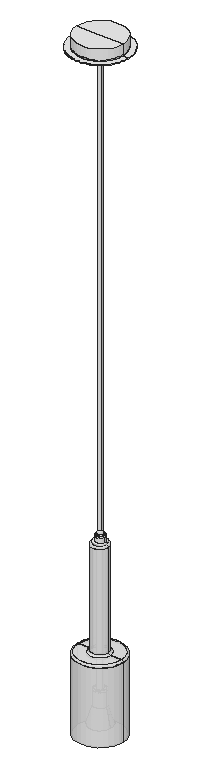
Revit family "3-656-xx - Spindle Pendant", category Luminarias, Revit 2021
Family settings
  Anfitrión = Techo
  Cota de conector redondo = Diámetro de uso
  Tipo de pieza = Normal
  Número OmniClass = 23.80.70.11
  Título OmniClass = Luminaries for Internal Lighting
  Siempre vertical = Sí
  Corte con vacíos al cargar = No
  Origen de luz = Sí
  Compartido = No
  Punto de cálculo de habitación = No
Parameters (values of type "3-656-114 / Polished Chrome - Transparent Glass")
  Ángulo de inclinación = 90.00°
  Metal Finish = 14 - Polished Chrome
  Main Diffuser = Matte White Acrylic
  Glass = White Opal Glass
  Elevación por defecto = 0.00"
  Comentarios de vataje = "6.57 W at 120 V"  # constant formula
  Wattage = 6.57 W
  built-in parameter 1150110 = 1 (stored number, unit not read)
  Voltage Input = "120 V or 277 V - 50/60 Hz"  # constant formula
  Voltage = 120 V
  URL = "www.oxygenlighting.com"
  built-in parameter 1114217 = 1 (stored number, unit not read)
  built-in parameter 1150109 = 1 (stored number, unit not read)
  built-in parameter 1150134 = (empty or 0)
  built-in parameter 1150113 = 1 (stored number, unit not read)
  References = "Ref. 3 = 120 V / Ref. 37 = 277 V"  # constant formula
  Pendant Height [instance] = 63.00"
  Modelo = "3-xxx-xx / Pendant"  # constant formula
  Fabricante = "Oxygen Lighting and Fans"  # constant formula
  Lumens = 406.026 lm
  built-in parameter 1150115 = 1 (stored number, unit not read)
  built-in parameter 1150105 = 32.311 (stored number, unit not read)
  built-in parameter 1150137 = (empty or 0)
  built-in parameter 1150139 = (empty or 0)
  built-in parameter 1150112 = 1 (stored number, unit not read)
  built-in parameter 1150114 = 1 (stored number, unit not read)
  Lámpara = "LED Array"  # constant formula
  built-in parameter 1150132 = (empty or 0)
  built-in parameter 1150102 = (empty or 0)
  built-in parameter 1150138 = (empty or 0)
  built-in parameter 1150107 = 3000 (stored number, unit not read)
  built-in parameter 1150106 = 0.32311 (stored number, unit not read)
  built-in parameter 1150104 = 5.7414 (stored number, unit not read)
  Dimming Lamp Color Temperature Shift = (empty or 0)
  Color Filter = 16777215
  built-in parameter 1114218 = 1 (stored number, unit not read)
  Archivo de red fotométrica = "3-656 Spindle Pendant.ies"
  built-in parameter 1150133 = 10 (stored number, unit not read)
Reference planes (in)
  plane 1 "Light Source Axis (F/B)": y = 0
  plane 2: z = 0
  plane 3 "Light Source Axis (L/R)": x = 0
  plane 4 "Ceiling": z = 157.48031
  plane 5 "Light Source Elevation": z = 94.48031
  plane 6: z = 112.29616
Forms (in)
  Extrusion 1, solid, material "14 - Polished Chrome" <- "Metal Finish"
    sketch origin (0, 0, 103.54912) x (-1, 0, 0) y (0, -1, 0)
      loop
        circle (0, 0) r 0.18946
    from 8.74704 to 52.06111
Dimensions and locks (in)
  equal spacing: host sketch curve, plane 3 "Light Source Axis (L/R)", host sketch curve
  equal spacing: host sketch curve, plane 1 "Light Source Axis (F/B)", host sketch curve
  host sketch curve to host sketch curve = 157.48031"  (x2)
  plane 4 "Ceiling" to host ceiling = 0.00"
  locked: plane 5 "Light Source Elevation" to plane 6 at 17.81585
  "Pendant Height": plane 5 "Light Source Elevation" to plane 4 "Ceiling"
  aligned and locked: plane 3 "Light Source Axis (L/R)" to imposter light
  aligned and locked: plane 1 "Light Source Axis (F/B)" to imposter light
  aligned and locked: plane 5 "Light Source Elevation" to imposter light
  aligned and locked: plane 3 "Light Source Axis (L/R)" to nested 1
  aligned and locked: plane 1 "Light Source Axis (F/B)" to nested 1
  aligned and locked: plane 5 "Light Source Elevation" to nested 1
  aligned and locked: plane 3 "Light Source Axis (L/R)" to nested 2
  aligned and locked: plane 1 "Light Source Axis (F/B)" to nested 2
  aligned and locked: nested 2 to plane 4 "Ceiling"
  aligned and locked: Extrusion 1 to plane 6
  aligned and locked: nested 2 to Extrusion 1
Automatic sketch dimensions
  plane 1 "Light Source Axis (F/B)" to Extrusion 1 sketch curve = 0.00"
  Extrusion 1 sketch curve to plane 3 "Light Source Axis (L/R)" = 0.00"
  radius of Extrusion 1 sketch curve = 0.18946"
Nested families (in)
  nested 1: "Family1" at (0, 0, 112.29616), type "Family1"
  nested 2: "Family2" at (0, 0, 157.48031), type "Family2"
Connectors (in)
  electrical at (0, 0, 157.48031)
    settings: on nested 2, index 1, voltage 0 V, apparent load 0 VA, apparent load phase1 0 VA, apparent load phase2 0 VA, apparent load phase3 0 VA, power factor 1, load classification "Other", number of poles 1, system type 31, power factor state 1, is connector primary yes, connector utility no, sub classification motor no, connector description ""
Definition of nested family "Family1"
  Parameters
    Metal Finish = none
    Main Diffuser = none
    Glass = none
    Default Elevation = 0.00"
  Reference planes (in)
    plane 1 "Center (Front/Back)": y = 0
    plane 2: z = 0
    plane 3 "Center (Left/Right)": x = 0
  Forms (in)
    Revolve 1, solid, material <- "Metal Finish"
      sketch origin (0, 0, 0) x (1, 0, 0) y (0, 0, 1)
        loop
          line (0, 0) -> (-0.18946, 0)
          arc (-0.18946, 0) -> (-0.24803, -0.19778) -> (-0.26315, -0.40349) r 0.96348
          line (-0.26315, -0.40349) -> (-0.31227, -0.40349)
          arc (-0.31227, -0.40349) -> (-0.33459, -0.41274) -> (-0.34384, -0.43507) r 0.03158
          line (-0.34384, -0.43507) -> (-0.34384, -0.5298) -> (-0.43858, -0.5298)
          arc (-0.43858, -0.5298) -> (-0.4609, -0.53905) -> (-0.47015, -0.56138) r 0.03158
          line (-0.47015, -0.56138) -> (-0.47015, -1.0596) -> (-0.56138, -1.0596)
          arc (-0.56138, -1.0596) -> (-0.65611, -1.15433) -> (-0.56138, -1.24906) r 0.09473
          line (-0.56138, -1.24906) -> (0, -1.24906) -> (0, 0)
        axis (0, 0) -> (0, -1.24906)
      angle from 0 to 360
    Revolve 2, solid, material <- "Glass"
      sketch origin (0, 0, 0) x (1, 0, 0) y (0, 0, 1)
        loop
          line (0, -1.24906) -> (-0.67716, -1.24906)
          arc (-0.67716, -1.24906) -> (-0.8161, -1.30661) -> (-0.87364, -1.44555) r 0.19648
          line (-0.87364, -1.44555) -> (-0.87364, -11.05515)
          arc (-0.87364, -11.05515) -> (-0.9303, -11.19194) -> (-1.06709, -11.2486) r 0.19345
          line (-1.06709, -11.2486) -> (-2.17885, -11.2486)
          arc (-2.17885, -11.2486) -> (-2.31778, -11.30614) -> (-2.37533, -11.44508) r 0.19648
          line (-2.37533, -11.44508) -> (-2.37533, -18.75) -> (-2.24533, -18.75) -> (-2.24533, -11.44508)
          arc (-2.24533, -11.44508) -> (-2.22586, -11.39807) -> (-2.17885, -11.3786) r 0.06648
          line (-2.17885, -11.3786) -> (-1.09197, -11.3786)
          arc (-1.09197, -11.3786) -> (-0.84567, -11.27657) -> (-0.74364, -11.03027) r 0.34833
          line (-0.74364, -11.03027) -> (-0.74364, -1.44675)
          arc (-0.74364, -1.44675) -> (-0.72382, -1.39889) -> (-0.67596, -1.37906) r 0.06768
          line (-0.67596, -1.37906) -> (0, -1.37906) -> (0, -1.24906)
        axis (0, -1.24906) -> (0, -18.75)
      angle from 0 to 360
    Revolve 3, solid, material <- "Metal Finish"
      sketch origin (0, 0, 0) x (1, 0, 0) y (0, 0, 1)
        loop
          line (0, -1.37906) -> (-0.34384, -1.37906) -> (-0.34384, -1.49818) -> (-0.24911, -1.49818) -> (-0.24911, -14.55371) -> (-0.56138, -14.55371)
          arc (-0.56138, -14.55371) -> (-0.60603, -14.5722) -> (-0.62453, -14.61686) r 0.06315
          line (-0.62453, -14.61686) -> (-0.62453, -16.06241) -> (-1.12351, -17.81585) -> (-1.01812, -17.81585) -> (-0.9743, -17.66184) -> (0, -17.66184) -> (0, -1.37906)
        axis (0, -1.37906) -> (0, -17.81585)
      angle from 0 to 360
    Revolve 4, solid, material <- "Main Diffuser"
      sketch origin (0, 0, 0) x (1, 0, 0) y (0, 0, 1)
        loop
          line (0, -17.81585) -> (0, -17.66184) -> (-0.9743, -17.66184) -> (-1.01812, -17.81585) -> (0, -17.81585)
        axis (0, -17.81585) -> (0, -17.66184)
      angle from 0 to 360
  Dimensions and locks (in)
    aligned and locked: level to plane 2
Definition of nested family "Family2"
  Parameters
    Metal Finish = none
    Default Elevation = 0.00"
  Reference planes (in)
    plane 1 "Center (Front/Back)": y = 0
    plane 2: z = 0
    plane 3 "Center (Left/Right)": x = 0
  Forms (in)
    Revolve 1, solid, material <- "Metal Finish"
      sketch origin (0, 0, -157.48031) x (1, 0, 0) y (0, 0, 1)
        loop
          line (2.3622, 157.48031) -> (0, 157.48031) -> (0, 156.35827) -> (0, 155.61024) -> (0.31496, 155.61024) -> (0.31496, 156.35827) -> (2.95276, 156.35827) -> (2.95276, 156.41732) -> (2.32283, 156.41732)
          arc (2.32283, 156.41732) -> (2.35067, 156.42885) -> (2.3622, 156.45669) r 0.03937
          line (2.3622, 156.45669) -> (2.3622, 157.48031)
        axis (0, 155.61024) -> (0, 157.48031)
      angle from 0 to 360
  Dimensions and locks (in)
    aligned and locked: level to plane 2
